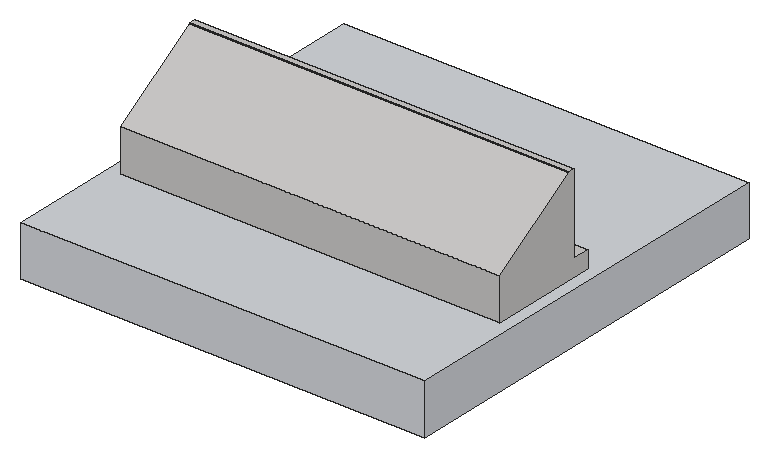
Revit family
Parameters (values of type "4113")
  Waste Connection = yes
  Voltage = 0
  Vent Connection = no
  URL = "http://www.whitehallmfg.com/"
  Tempered Water Connection = no
  SWV - Swivel Nozzle on Gooseneck = no
  SA - Splash Panel = no
  Revised Date = "07/29/13"
  Phone # = "626-336-4561"
  Model = "4113"
  Material = Stainless Steel
  Manufacturer = "Whitehall Mfg"
  MC - Mounting Carrier = no
  LFN - Laminar Flow Nozzle (1.5 GPM) = no
  HW Connection = yes
  HTR - Chronomite Instantaneous Water Heater (Refer to Chronomite Labs at http://chronomite.com for applications and sales assistance, supplied by Chronomite for field installation) = no
  EYW - Eyewash - RH Station = no
  EYW - Eyewash - LH Station = no
  EYW - Eyewash - CTR Station = no
  Designed By = "ATS BIM Team"
  Description = "Whitehall Compact Surgical Scrub Sink Three Station"
  Default Elevation = 40"
  CW Connection = yes
  Assembly Code = ""
  Amperage = 0
  4113 - Compact Surgical Scrub Sink (3 Stations) = yes
Reference planes (in)
  plane 1 "Center (Front/Back)": y = 0
  plane 2: z = 0
  plane 3 "Center (Left/Right)": x = 0
  plane 4: y = -40
  plane 5: z = 1.952
  plane 6: z = 23
  plane 7: y = -22
  plane 8: y = -3
  plane 9: z = 14.673
  plane 10: y = 4
  plane 11: y = -20
  plane 12: y = -14.75
  plane 13: z = 7.795
  plane 14: z = 2.048
  plane 15: z = 7.795
  plane 16: z = 2.048
  plane 17: z = 2.048
  plane 18: z = 7.795
  plane 19: x = 30
  plane 20: x = -30
  plane 21: x = -45
  plane 22: x = 45
  plane 23: z = 23
Forms (in)
  Extrusion 1, solid
    sketch origin (0, 0, 0) x (1, 0, 0) y (0, 1, 0)
      loop
        line (-48, 48) -> (-48, -48) -> (48, -48) -> (48, 48) -> (-48, 48)
    from 0 to -12
  Extrusion 2, solid, material "Stainless Steel" <- "Material"
    sketch origin (-30, 0, 0) x (1, 0, 0) y (0, 1, 0)
      loop
        circle (-12, -20) r 0.25
      loop
        circle (-4.5, -20) r 0.25
      loop
        circle (0, -14.75) r 0.75
      loop
        circle (30, -14.75) r 0.75
      loop
        circle (60, -14.75) r 0.75
    from 0 to 0.01563
  Extrusion 3, solid, material "Stainless Steel" <- "Material"
    sketch origin (0, 0, 0.048) x (0, 1, 0) y (0, 0, 1)
      loop
        line (4, -0.048) -> (4, 3.952) -> (0, 3.952) -> (-11, 3.952)
        arc (-11, 3.952) -> (-11.70711, 4.24489) -> (-12, 4.952) r 1
        line (-12, 4.952) -> (-12, 10.52152) -> (-1.83018, 21.17562)
        arc (-1.83018, 21.17562) -> (-1.48438, 21.4155) -> (-1.0721, 21.5) r 1.048
        line (-1.0721, 21.5) -> (0, 21.5) -> (0, 22.952) -> (-1.5, 22.952) -> (-1.5, 22.852) -> (-22, 9.952) -> (-22, -0.048) -> (4, -0.048)
    from -45 to 45
  Extrusion 4, solid, material "Stainless Steel" <- "Material"
    sketch origin (0, 0, 0.048) x (0, 1, 0) y (0, 0, 1)
      loop
        line (-12, 10.52152) -> (-12, 4.952)
        arc (-12, 4.952) -> (-11.70711, 4.24489) -> (-11, 3.952) r 1
        line (-11, 3.952) -> (0, 3.952) -> (0, 21.5) -> (-1.0721, 21.5)
        arc (-1.0721, 21.5) -> (-1.48438, 21.4155) -> (-1.83018, 21.17562) r 1.048
        line (-1.83018, 21.17562) -> (-12, 10.52152)
    from 43.40759 to 45
  Extrusion 5, solid, material "Stainless Steel" <- "Material"
    sketch origin (0.048, 0, 0.048) x (0, 1, 0) y (0, 0, -1)
      loop
        line (-12, -10.52152) -> (-1.83018, -21.17562)
        arc (-1.83018, -21.17562) -> (-1.48438, -21.4155) -> (-1.0721, -21.5) r 1.048
        line (-1.0721, -21.5) -> (0, -21.5) -> (0, -3.952) -> (-11, -3.952)
        arc (-11, -3.952) -> (-11.70711, -4.24489) -> (-12, -4.952) r 1
        line (-12, -4.952) -> (-12, -10.52152)
    from 43.40759 to 45.048
  Extrusion 6, void
    sketch origin (0, 0, 0.048) x (1, 0, 0) y (0, 0, 1)
      loop
        circle (30, 7.702) r 0.75
      loop
        circle (0, 7.702) r 0.75
      loop
        circle (-30, 7.702) r 0.75
    from 12 to 12.74132
  Extrusion 7, solid, material "Stainless Steel" <- "Material"
    sketch origin (4, 0, 0) x (1, 0, 0) y (0, 1, 0)
      loop
        line (0.75, 1.625) -> (0.75, 2.375) -> (-0.75, 2.375) -> (-0.75, 1.625) -> (0.75, 1.625)
    from 4 to 4.0625
  Extrusion 8, solid, material "Stainless Steel" <- "Material"
    sketch origin (33, 0, 0) x (1, 0, 0) y (0, 1, 0)
      loop
        line (0.60959, 1.625) -> (0.60959, 2.375) -> (-0.89041, 2.375) -> (-0.89041, 1.625) -> (0.60959, 1.625)
    from 4 to 4.0625
  Extrusion 9, solid, material "Stainless Steel" <- "Material"
    sketch origin (-24.8596, 0, 0) x (-1, 0, 0) y (0, -1, 0)
      loop
        line (0.75, -1.625) -> (-0.75, -1.625) -> (-0.75, -2.375) -> (0.75, -2.375) -> (0.75, -1.625)
    from 4 to 4.0625
  Sweep 10, solid, material "Stainless Steel" <- "Material"
    path origin (-30, -27.53471, 7.59816) x (0, 0.906308, -0.422618) y (0, 0.422618, 0.906308)
      loop
        line (31.09044, 7.94382) -> (38.39525, 11.35011)
        arc (38.39525, 11.35011) -> (39.75849, 15.52985) -> (35.68035, 17.17223) r 3.21935
        line (35.68035, 17.17223) -> (34.59122, 16.66297)
    profile origin (-30, 8.02998, 1.65832) x (0, 0, 1) y (1, 0, 0)
      loop
        circle (0.34168, 0) r 0.34456
  Revolve 11, solid, material "Stainless Steel" <- "Material"
    sketch origin (-30, -27.53471, 7.59816) x (0, 0.906308, -0.422618) y (0, 0.422618, 0.906308)
      loop
        arc (34.29769, 16.60453) -> (34.22011, 16.62302) -> (34.1844, 16.5517) r 0.06419
        line (34.1844, 16.5517) -> (33.96371, 16.44879)
        arc (33.96371, 16.44879) -> (33.75945, 16.41646) -> (33.56911, 16.49732) r 0.375
        arc (33.56911, 16.49732) -> (33.50566, 16.52427) -> (33.43758, 16.5135) r 0.125
        line (33.43758, 16.5135) -> (33.2681, 16.43447) -> (33.55807, 15.81261) -> (34.73214, 16.36159) -> (34.58731, 16.67134)
        arc (34.58731, 16.67134) -> (34.55219, 16.66114) -> (34.51742, 16.67251) r 0.062
        arc (34.51742, 16.67251) -> (34.48717, 16.68364) -> (34.45542, 16.67808) r 0.062
        line (34.45542, 16.67808) -> (34.29769, 16.60453)
      axis (34.73272, 16.36036) -> (33.55807, 15.81261)
    angle from 0 to 360
  Revolve 12, solid, material "Stainless Steel" <- "Material"
    sketch origin (-30, -33.09664, 1.85116) x (0, 0.906308, -0.422618) y (0, 0.422618, 0.906308)
      loop
        arc (34.29769, 16.60453) -> (34.22011, 16.62302) -> (34.1844, 16.5517) r 0.06419
        line (34.1844, 16.5517) -> (34.06442, 16.49575) -> (33.52178, 16.69326) -> (33.21428, 16.54987) -> (33.55807, 15.81261) -> (34.73214, 16.36159) -> (34.56885, 16.71083) -> (34.50296, 16.6801)
        arc (34.50296, 16.6801) -> (34.47899, 16.68383) -> (34.45542, 16.67808) r 0.062
        line (34.45542, 16.67808) -> (34.29769, 16.60453)
      axis (34.73272, 16.36036) -> (33.55807, 15.81261)
    angle from 0 to 360
  Sweep 13, solid, material "Stainless Steel" <- "Material"
    path origin (0, -27.53471, 7.59816) x (0, 0.906308, -0.422618) y (0, 0.422618, 0.906308)
      loop
        line (31.09044, 7.94382) -> (38.39525, 11.35011)
        arc (38.39525, 11.35011) -> (39.75849, 15.52985) -> (35.68035, 17.17223) r 3.21935
        line (35.68035, 17.17223) -> (34.59122, 16.66297)
    profile origin (0, 8.02998, 1.65832) x (0, 0, 1) y (1, 0, 0)
      loop
        circle (0.34168, 0) r 0.34456
  Revolve 14, solid, material "Stainless Steel" <- "Material"
    sketch origin (0, -27.53471, 7.59816) x (0, 0.906308, -0.422618) y (0, 0.422618, 0.906308)
      loop
        arc (34.29769, 16.60453) -> (34.22011, 16.62302) -> (34.1844, 16.5517) r 0.06419
        line (34.1844, 16.5517) -> (33.96371, 16.44879)
        arc (33.96371, 16.44879) -> (33.75945, 16.41646) -> (33.56911, 16.49732) r 0.375
        arc (33.56911, 16.49732) -> (33.50566, 16.52427) -> (33.43758, 16.5135) r 0.125
        line (33.43758, 16.5135) -> (33.2681, 16.43447) -> (33.55807, 15.81261) -> (34.73214, 16.36159) -> (34.58731, 16.67134)
        arc (34.58731, 16.67134) -> (34.55219, 16.66114) -> (34.51742, 16.67251) r 0.062
        arc (34.51742, 16.67251) -> (34.48717, 16.68364) -> (34.45542, 16.67808) r 0.062
        line (34.45542, 16.67808) -> (34.29769, 16.60453)
      axis (34.73272, 16.36036) -> (33.55807, 15.81261)
    angle from 0 to 360
  Revolve 15, solid, material "Stainless Steel" <- "Material"
    sketch origin (0, -33.09664, 1.85116) x (0, 0.906308, -0.422618) y (0, 0.422618, 0.906308)
      loop
        arc (34.29769, 16.60453) -> (34.22011, 16.62302) -> (34.1844, 16.5517) r 0.06419
        line (34.1844, 16.5517) -> (34.06442, 16.49575) -> (33.52178, 16.69326) -> (33.21428, 16.54987) -> (33.55807, 15.81261) -> (34.73214, 16.36159) -> (34.56885, 16.71083) -> (34.50296, 16.6801)
        arc (34.50296, 16.6801) -> (34.47899, 16.68383) -> (34.45542, 16.67808) r 0.062
        line (34.45542, 16.67808) -> (34.29769, 16.60453)
      axis (34.73272, 16.36036) -> (33.55807, 15.81261)
    angle from 0 to 360
  Sweep 16, solid, material "Stainless Steel" <- "Material"
    path origin (30, -27.53471, 7.59816) x (0, 0.906308, -0.422618) y (0, 0.422618, 0.906308)
      loop
        line (31.09044, 7.94382) -> (38.39525, 11.35011)
        arc (38.39525, 11.35011) -> (39.75849, 15.52985) -> (35.68035, 17.17223) r 3.21935
        line (35.68035, 17.17223) -> (34.59122, 16.66297)
    profile origin (30, 8.02998, 1.65832) x (0, 0, 1) y (1, 0, 0)
      loop
        circle (0.34168, 0) r 0.34456
  Revolve 17, solid, material "Stainless Steel" <- "Material"
    sketch origin (30, -33.09664, 1.85116) x (0, 0.906308, -0.422618) y (0, 0.422618, 0.906308)
      loop
        arc (34.29769, 16.60453) -> (34.22011, 16.62302) -> (34.1844, 16.5517) r 0.06419
        line (34.1844, 16.5517) -> (34.06442, 16.49575) -> (33.52178, 16.69326) -> (33.21428, 16.54987) -> (33.55807, 15.81261) -> (34.73214, 16.36159) -> (34.56885, 16.71083) -> (34.50296, 16.6801)
        arc (34.50296, 16.6801) -> (34.47899, 16.68383) -> (34.45542, 16.67808) r 0.062
        line (34.45542, 16.67808) -> (34.29769, 16.60453)
      axis (34.73272, 16.36036) -> (33.55807, 15.81261)
    angle from 0 to 360
  Revolve 18, solid, material "Stainless Steel" <- "Material"
    sketch origin (30, -27.53471, 7.59816) x (0, 0.906308, -0.422618) y (0, 0.422618, 0.906308)
      loop
        arc (34.29769, 16.60453) -> (34.22011, 16.62302) -> (34.1844, 16.5517) r 0.06419
        line (34.1844, 16.5517) -> (33.96371, 16.44879)
        arc (33.96371, 16.44879) -> (33.75945, 16.41646) -> (33.56911, 16.49732) r 0.375
        arc (33.56911, 16.49732) -> (33.50566, 16.52427) -> (33.43758, 16.5135) r 0.125
        line (33.43758, 16.5135) -> (33.2681, 16.43447) -> (33.55807, 15.81261) -> (34.73214, 16.36159) -> (34.58731, 16.67134)
        arc (34.58731, 16.67134) -> (34.55219, 16.66114) -> (34.51742, 16.67251) r 0.062
        arc (34.51742, 16.67251) -> (34.48717, 16.68364) -> (34.45542, 16.67808) r 0.062
        line (34.45542, 16.67808) -> (34.29769, 16.60453)
      axis (34.73272, 16.36036) -> (33.55807, 15.81261)
    angle from 0 to 360
  Extrusion 19, solid, material "Stainless Steel" <- "Material"
    sketch origin (30, -1.05256, 0.048) x (1, 0, 0) y (0, 0, 1)
      loop
        circle (0, 7.68366) r 1.85805
      loop
        circle (0.02484, 8.25877) r 0.09433
      loop
        circle (-0.26979, 8.19627) r 0.09433
      loop
        circle (-0.50417, 7.96414) r 0.09433
      loop
        circle (-0.31177, 7.74049) r 0.09433
      loop
        circle (0.13687, 8.00612) r 0.09433
      loop
        circle (0.31285, 8.20569) r 0.09433
      loop
        circle (0.52088, 7.99767) r 0.09433
      loop
        circle (0.61893, 7.7192) r 0.09433
      loop
        circle (0.55643, 7.43795) r 0.09433
      loop
        circle (0.33112, 7.61684) r 0.09433
      loop
        circle (-0.55104, 7.58745) r 0.09433
      loop
        circle (-0.43677, 7.31862) r 0.09433
      loop
        circle (-0.01121, 7.3631) r 0.09433
      loop
        circle (0.39343, 7.17746) r 0.09433
      loop
        circle (0.10174, 7.0889) r 0.09433
      loop
        circle (-0.1667, 7.12015) r 0.09433
    from 10.94744 to 11
  Extrusion 20, solid, material "Stainless Steel" <- "Material"
    sketch origin (0, -1.05256, 0.048) x (1, 0, 0) y (0, 0, 1)
      loop
        circle (0, 7.68366) r 1.85805
      loop
        circle (0.02484, 8.25877) r 0.09433
      loop
        circle (-0.26979, 8.19627) r 0.09433
      loop
        circle (-0.50417, 7.96414) r 0.09433
      loop
        circle (-0.31177, 7.74049) r 0.09433
      loop
        circle (0.13687, 8.00612) r 0.09433
      loop
        circle (0.31285, 8.20569) r 0.09433
      loop
        circle (0.52088, 7.99767) r 0.09433
      loop
        circle (0.61893, 7.7192) r 0.09433
      loop
        circle (0.55643, 7.43795) r 0.09433
      loop
        circle (0.33112, 7.61684) r 0.09433
      loop
        circle (-0.55104, 7.58745) r 0.09433
      loop
        circle (-0.43677, 7.31862) r 0.09433
      loop
        circle (-0.01121, 7.3631) r 0.09433
      loop
        circle (0.39343, 7.17746) r 0.09433
      loop
        circle (0.10174, 7.0889) r 0.09433
      loop
        circle (-0.1667, 7.12015) r 0.09433
    from 10.94744 to 11
  Extrusion 21, solid, material "Stainless Steel" <- "Material"
    sketch origin (-30, -1.05256, 0.048) x (-1, 0, 0) y (0, 0, -1)
      loop
        circle (0, -7.68366) r 1.85805
      loop
        circle (0.02484, -8.25877) r 0.09433
      loop
        circle (-0.26979, -8.19627) r 0.09433
      loop
        circle (-0.50417, -7.96414) r 0.09433
      loop
        circle (-0.31177, -7.74049) r 0.09433
      loop
        circle (0.13687, -8.00612) r 0.09433
      loop
        circle (0.31285, -8.20569) r 0.09433
      loop
        circle (0.52088, -7.99767) r 0.09433
      loop
        circle (0.61893, -7.7192) r 0.09433
      loop
        circle (0.55643, -7.43795) r 0.09433
      loop
        circle (0.33112, -7.61684) r 0.09433
      loop
        circle (-0.55104, -7.58745) r 0.09433
      loop
        circle (-0.43677, -7.31862) r 0.09433
      loop
        circle (-0.01121, -7.3631) r 0.09433
      loop
        circle (0.39343, -7.17746) r 0.09433
      loop
        circle (0.10174, -7.0889) r 0.09433
      loop
        circle (-0.1667, -7.12015) r 0.09433
    from 10.94744 to 11
Cuts and joins
  Extrusion 6 cuts Extrusion 3
  joined: Extrusion 3, Extrusion 4, Extrusion 5
Dimensions and locks (in)
  plane 1 "Center (Front/Back)" to plane 8 to plane 7 = 3", 19"
  plane 6 to Extrusion 1 = 23"
  plane 1 "Center (Front/Back)" to plane 10 = 4"
  plane 4 to plane 1 "Center (Front/Back)" = 40"
  plane 4 to plane 11 = 20"
  plane 4 to plane 12 = 25 1/4"
  plane 10 to plane 7 = 26"
  plane 7 to plane 4 = 18"
  aligned and locked: plane 2 to Extrusion 1
  aligned and locked: level to Extrusion 1
Connectors (in)
  piping at (-42, -20, 0)
    settings: on Extrusion 2, index 1
  piping at (-34.5, -20, 0)
    settings: on Extrusion 2, index 2
  piping at (-30, -14.75, 0)
    settings: on Extrusion 2, index 3
  piping at (0, -14.75, 0)
    settings: on Extrusion 2, index 4
  piping at (30, -14.75, 0)
    settings: on Extrusion 2, index 5
